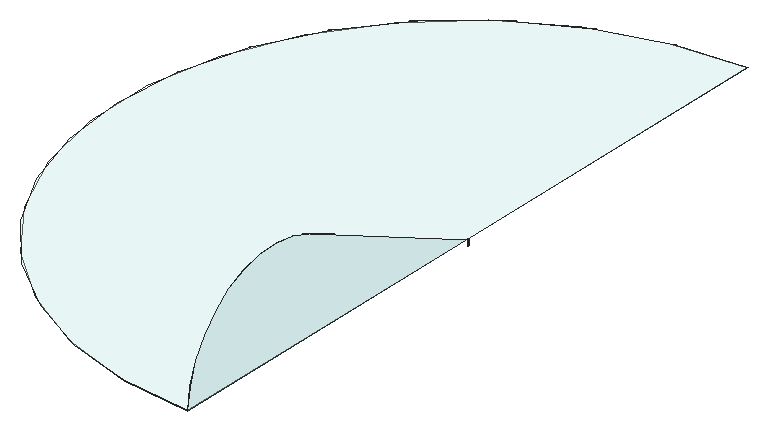
Revit family "Rotor Falvon 6504 Series - I6504FCSS", category Acessórios do tubo, Revit 2020
Family settings
  Cota do conector redondo = Utilizar diâmetro
  Tipo de parte = Normal
  Número OmniClass = 23.60.30.11.14
  Título OmniClass = Pipework Fittings
  Com base no plano de trabalho = Não
  Sempre na vertical = Sim
  Corte com vazios quando carregada = Não
  Compartilhado = Não
Parameters (values of type "Nozzle 18")
  Water = Water
  URL = "https://www.rainbird.com/"
  TABLE 90 = "TABLE 90psi"
  TABLE 80 = "TABLE 80psi"
  TABLE 70 = "TABLE 70psi"
  TABLE 60 = "TABLE 60psi"
  TABLE 50 = "TABLE 50psi"
  TABLE 40 = "TABLE 40psi"
  TABLE 30 = "TABLE 30psi"
  SupportProjetos: Reviw Date = ""  # constant formula
  SupportProjetos: Reviw = "R00"  # constant formula
  SupportProjetos: Level of Detail = "LOD 300"  # constant formula
  SupportProjetos: Developed = "MICHEL SOARES MOTA"  # constant formula
  SupportProjetos: Creation Date = "07/08/2020"  # constant formula
  Side inlet = no
  Rotation Water Visibility [instance] = Pop up on  # yes
  Rotation Angle [instance] = 180.00°
  RainBird: Product Link = "https://www.rainbird.com/"
  RainBird: Description = "FALCON I6504-FC-SS Rotor "  # constant formula
  RainBird: Comment [instance] = ""
  RainBird: Code = "B65811"  # constant formula
  Radius [instance] = if(and(Pressure = 30.0 psi, Instance < 3 ft), size_lookup(TABLE 30, "Radius", 0 ft, Instance), if(and(Pressure = 40.0 psi, Instance < 9 ft), size_lookup(TABLE 40, "Radius", 0 ft, Instance), if(and(Pressure = 50.0 psi, Instance < 9 ft), size_lookup(TABLE 50, "Radius", 0 ft, Instance), if(and(Pressure = 60.0 psi, Instance < 9 ft), size_lookup(TABLE 60, "Radius", 0 ft, Instance), if(and(Pressure = 70.0 psi, Instance < 9 ft), size_lookup(TABLE 70, "Radius", 0 ft, Instance), if(and(Pressure = 80.0 psi, Instance < 9 ft), size_lookup(TABLE 80, "Radius", 0 ft, Instance), if(and(Pressure = 90.0 psi, Instance > 7 ft), size_lookup(TABLE 90, "Radius", 600 ft, Instance), 0 ft)))))))  # 63 ft
  RT = 0.009893 ft
  RN = 0.032808 ft
  R5 = 0.03937 ft
  R4 = 0.04101 ft
  R3 = 0.065617 ft
  R2 = 0.075407 ft
  R1 = 0.032808 ft
  Pressure [instance] = 60.0 psi
  Pop up height = 0.334646 ft
  Pop up on [instance] = yes
  Modelo = "I6504-FCSS"  # constant formula
  Instance = 8 ft
  H1 = Body height / 3  # 0.236333 ft
  Flow [instance] = if(and(Pressure = 30.0 psi, Instance < 3 ft), size_lookup(TABLE 30, "Flow", 0.0 GPM, Instance), if(and(Pressure = 40.0 psi, Instance < 9 ft), size_lookup(TABLE 40, "Flow", 0.0 GPM, Instance), if(and(Pressure = 50.0 psi, Instance < 9 ft), size_lookup(TABLE 50, "Flow", 0.0 GPM, Instance), if(and(Pressure = 60.0 psi, Instance < 9 ft), size_lookup(TABLE 60, "Flow", 0.0 GPM, Instance), if(and(Pressure = 70.0 psi, Instance < 9 ft), size_lookup(TABLE 70, "Flow", 0.0 GPM, Instance), if(and(Pressure = 80.0 psi, Instance < 9 ft), size_lookup(TABLE 80, "Flow", 0.0 GPM, Instance), if(and(Pressure = 90.0 psi, Instance > 7 ft), size_lookup(TABLE 90, "Flow", 0.0 GPM, Instance), 0.0 GPM)))))))  # 17.1 GPM
  Fabricante = "Rain Bird"
  Elevação padrão = 0 ft
  Description = RainBird: Description  # "FALCON I6504-FC-SS Rotor "
  DD13 = 0.002625 ft
  DD12 = 0.003937 ft
  DD11 = 0.009897 ft
  DD10 = 0.016404 ft
  DD8 [instance] = if(Pop up on, Pop up height, 0 ft)  # 0.334646 ft
  DD7 = 0.019685 ft
  DD6 [instance] = 0.016404 ft
  DD5 = 0.065617 ft
  DD4 = 0.032808 ft
  DD3 = 0.091048 ft
  DD2 [instance] = 0.024514 ft
  DD9 [instance] = if(Pop up on, Pop up height + 0.049541 ft, 0 ft)  # 0.384186 ft
  DD1 = 0.006562 ft
  Conection = 0.062664 ft  # constant formula
  Body height = 0.709 ft  # constant formula
  Blue = Blue Plastic
  Black Plastic = Black Plastic
  Angle = 25.00°
Types (9, lengths in ft): name | Radius | Pressure | Instance | Flow
  (no name) | 63 | 60.0 psi | 8 | 17.1 GPM
  Nozzle 4 | 43 | 80.0 psi | 1 | 4.6 GPM
  Nozzle 6 | 49 | 80.0 psi | 2 | 4.9 GPM
  Nozzle 8 | 53 | 80.0 psi | 3 | 9.4 GPM
  Nozzle 10 | 55 | 80.0 psi | 4 | 11.6 GPM
  Nozzle 12 | 61 | 80.0 psi | 5 | 14.0 GPM
  Tipo 14 | 61 | 80.0 psi | 6 | 16.2 GPM
  Nozzle 16 | 63 | 80.0 psi | 7 | 18.1 GPM
  Nozzle 18 | 63 | 60.0 psi | 8 | 17.1 GPM
Reference planes (ft)
  plane 1 "Centro (Frente/Trás)": y = 0
  plane 2: z = 0
  plane 3 "Centro (Esquerda/Direita)": x = 0
  plane 4: z = 0.003937
  plane 5: z = 0.002625
  plane 6: y = -0.065617
Forms (ft)
  Revolve 1, solid, material "Black Plastic" <- "Black Plastic"
    sketch origin (0, 0, 0) x (1, 0, 0) y (0, 0, 1)
      loop
        line (0.075407, -0.091048) -> (0.075407, -0.035324)
        arc (0.075407, -0.035324) -> (0.072509, -0.028329) -> (0.065514, -0.025431) r 0.009893
        line (0.065514, -0.025431) -> (0.046098, -0.025431) -> (0.046098, 0) -> (0.03937, 0) -> (0.03937, -0.334646) -> (0.019685, -0.334646) -> (0.019685, -0.702438) -> (0.032808, -0.702438) -> (0.032808, -0.709) -> (0.04101, -0.709) -> (0.04101, -0.702438) -> (0.055724, -0.702438)
        arc (0.055724, -0.702438) -> (0.062719, -0.699541) -> (0.065617, -0.692545) r 0.009893
        line (0.065617, -0.692545) -> (0.065617, -0.091048) -> (0.075407, -0.091048)
      axis (0, -0.709) -> (0, 0)
    angle from 0 to 360
  Extrusion 2, solid, material "Black Plastic" <- "Black Plastic"
    sketch origin (0, 0, 0) x (1, 0, 0) y (0, 1, 0)
      loop
        circle (0, 0) r 0.032808
    from -0.334646 to 0.334646
  Extrusion 3, void
    sketch origin (0, 0, 0) x (1, 0, 0) y (0, 1, 0)
      loop
        circle (0, 0) r 0.022844
    from -0.334646 to 0.334646
  Revolve 4, solid, material "Black Plastic" <- "Black Plastic"
    sketch origin (0, 0, 0) x (1, 0, 0) y (0, 0, 1)
      loop
        line (0, 0.334646) -> (0.037004, 0.334646) -> (0.037004, 0.344543)
        arc (0.037004, 0.344543) -> (0.01879, 0.349436) -> (0, 0.35105) r 0.10685
        line (0, 0.35105) -> (0, 0.334646)
      axis (0, 0.334646) -> (0, 0.35105)
    angle from 0 to 360
  Extrusion 5, solid, material "Blue Plastic" <- "Blue"
    sketch origin (0, 0, 0) x (1, 0, 0) y (0, 0, 1)
      loop
        circle (0, 0.310131) r 0.009129
      loop
        circle (0, 0.310131) r 0.004793
    from 0 to 0.034386
  Extrusion 6, void
    sketch origin (0, 0, 0) x (1, 0, 0) y (0, 0, 1)
      loop
        line (-0.02074, 0.328055) -> (-0.02074, 0.282426) -> (0.020672, 0.282426) -> (0.020672, 0.328055) -> (-0.02074, 0.328055)
      loop
        line (-0.018439, 0.325179) -> (-0.018439, 0.285685) -> (0.018179, 0.285685) -> (0.018179, 0.325179) -> (-0.018439, 0.325179)
    from 0.024556 to 0.06931
  Extrusion 7, solid, material "Black Plastic" <- "Black Plastic"
    sketch origin (0, 0, 0) x (1, 0, 0) y (0, 0, 1)
      loop
        line (0.046098, 0) -> (0.046098, -0.036876) -> (0.073493, -0.036876) -> (0.046098, 0)
    from -0.002998 to 0.002998
  Extrusion 8, solid, material "Black Plastic" <- "Black Plastic"
    sketch origin (0, 0, 0) x (-1, 0, 0) y (0, 0, -1)
      loop
        line (0.046098, 0) -> (0.073493, 0.036876) -> (0.046098, 0.036876) -> (0.046098, 0)
    from -0.002998 to 0.002998
  Extrusion 9, solid, material "Black Plastic" <- "Black Plastic"
    sketch origin (0, 0, 0) x (0.866025, 0.5, 0) y (0, 0, 1)
      loop
        line (0.046098, 0) -> (0.046098, -0.036876) -> (0.073493, -0.036876) -> (0.046098, 0)
    from -0.002998 to 0.002998
  Extrusion 10, solid, material "Black Plastic" <- "Black Plastic"
    sketch origin (0, 0, 0) x (-0.866025, -0.5, 0) y (0, 0, -1)
      loop
        line (0.046098, 0) -> (0.073493, 0.036876) -> (0.046098, 0.036876) -> (0.046098, 0)
    from -0.002998 to 0.002998
  Extrusion 11, solid, material "Black Plastic" <- "Black Plastic"
    sketch origin (0, 0, 0) x (0, 1, 0) y (0, 0, 1)
      loop
        line (0.046098, 0) -> (0.046098, -0.036876) -> (0.073493, -0.036876) -> (0.046098, 0)
    from -0.002998 to 0.002998
  Extrusion 12, solid, material "Black Plastic" <- "Black Plastic"
    sketch origin (0, 0, 0) x (0, -1, 0) y (0, 0, -1)
      loop
        line (0.046098, 0) -> (0.073493, 0.036876) -> (0.046098, 0.036876) -> (0.046098, 0)
    from -0.002998 to 0.002998
  Extrusion 13, solid, material "Black Plastic" <- "Black Plastic"
    sketch origin (0, 0, 0) x (0.5, 0.866025, 0) y (0, 0, 1)
      loop
        line (0.046098, 0) -> (0.046098, -0.036876) -> (0.073493, -0.036876) -> (0.046098, 0)
    from -0.002998 to 0.002998
  Extrusion 14, solid, material "Black Plastic" <- "Black Plastic"
    sketch origin (0, 0, 0) x (-0.5, -0.866025, 0) y (0, 0, -1)
      loop
        line (0.046098, 0) -> (0.073493, 0.036876) -> (0.046098, 0.036876) -> (0.046098, 0)
    from -0.002998 to 0.002998
  Extrusion 15, solid, material "Black Plastic" <- "Black Plastic"
    sketch origin (0, 0, 0) x (-0.5, 0.866025, 0) y (0, 0, 1)
      loop
        line (0.046098, 0) -> (0.046098, -0.036876) -> (0.073493, -0.036876) -> (0.046098, 0)
    from -0.002998 to 0.002998
  Extrusion 16, solid, material "Black Plastic" <- "Black Plastic"
    sketch origin (0, 0, 0) x (0.5, -0.866025, 0) y (0, 0, -1)
      loop
        line (0.046098, 0) -> (0.073493, 0.036876) -> (0.046098, 0.036876) -> (0.046098, 0)
    from -0.002998 to 0.002998
  Extrusion 17, solid, material "Black Plastic" <- "Black Plastic"
    sketch origin (0, 0, 0) x (-0.866025, 0.5, 0) y (0, 0, 1)
      loop
        line (0.046098, 0) -> (0.046098, -0.036876) -> (0.073493, -0.036876) -> (0.046098, 0)
    from -0.002998 to 0.002998
  Extrusion 18, solid, material "Black Plastic" <- "Black Plastic"
    sketch origin (0, 0, 0) x (0.866025, -0.5, 0) y (0, 0, -1)
      loop
        line (0.046098, 0) -> (0.073493, 0.036876) -> (0.046098, 0.036876) -> (0.046098, 0)
    from -0.002998 to 0.002998
  Extrusion 19, void
    sketch origin (0, 0, 0) x (1, 0, 0) y (0, 1, 0)
      loop
        line (-0.002998, 0.077702) -> (-0.002998, 0.071655) -> (0.002998, 0.071655) -> (0.002998, 0.077702) -> (-0.002998, 0.077702)
    from -0.091048 to 0.82021
  Extrusion 20, void
    sketch origin (0, 0, 0) x (1, 0, 0) y (0, 1, 0)
      loop
        line (0.002998, -0.077702) -> (0.002998, -0.071655) -> (-0.002998, -0.071655) -> (-0.002998, -0.077702) -> (0.002998, -0.077702)
    from -0.091048 to 0.82021
  Extrusion 21, void
    sketch origin (0, 0, 0) x (0.965926, 0.258819, 0) y (-0.258819, 0.965926, 0)
      loop
        line (-0.002998, 0.077702) -> (-0.002998, 0.071655) -> (0.002998, 0.071655) -> (0.002998, 0.077702) -> (-0.002998, 0.077702)
    from -0.091048 to 0.82021
  Extrusion 22, void
    sketch origin (0, 0, 0) x (0.965926, 0.258819, 0) y (-0.258819, 0.965926, 0)
      loop
        line (0.002998, -0.077702) -> (0.002998, -0.071655) -> (-0.002998, -0.071655) -> (-0.002998, -0.077702) -> (0.002998, -0.077702)
    from -0.091048 to 0.82021
  Extrusion 23, void
    sketch origin (0, 0, 0) x (0.866025, 0.5, 0) y (-0.5, 0.866025, 0)
      loop
        line (-0.002998, 0.077702) -> (-0.002998, 0.071655) -> (0.002998, 0.071655) -> (0.002998, 0.077702) -> (-0.002998, 0.077702)
    from -0.091048 to 0.82021
  Extrusion 24, void
    sketch origin (0, 0, 0) x (0.866025, 0.5, 0) y (-0.5, 0.866025, 0)
      loop
        line (0.002998, -0.077702) -> (0.002998, -0.071655) -> (-0.002998, -0.071655) -> (-0.002998, -0.077702) -> (0.002998, -0.077702)
    from -0.091048 to 0.82021
  Extrusion 25, void
    sketch origin (0, 0, 0) x (0.5, 0.866025, 0) y (-0.866025, 0.5, 0)
      loop
        line (-0.002998, 0.077702) -> (-0.002998, 0.071655) -> (0.002998, 0.071655) -> (0.002998, 0.077702) -> (-0.002998, 0.077702)
    from -0.091048 to 0.82021
  Extrusion 26, void
    sketch origin (0, 0, 0) x (0.5, 0.866025, 0) y (-0.866025, 0.5, 0)
      loop
        line (0.002998, -0.077702) -> (0.002998, -0.071655) -> (-0.002998, -0.071655) -> (-0.002998, -0.077702) -> (0.002998, -0.077702)
    from -0.091048 to 0.82021
  Extrusion 27, void
    sketch origin (0, 0, 0) x (0.707107, 0.707107, 0) y (-0.707107, 0.707107, 0)
      loop
        line (-0.002998, 0.077702) -> (-0.002998, 0.071655) -> (0.002998, 0.071655) -> (0.002998, 0.077702) -> (-0.002998, 0.077702)
    from -0.091048 to 0.82021
  Extrusion 28, void
    sketch origin (0, 0, 0) x (0.707107, 0.707107, 0) y (-0.707107, 0.707107, 0)
      loop
        line (0.002998, -0.077702) -> (0.002998, -0.071655) -> (-0.002998, -0.071655) -> (-0.002998, -0.077702) -> (0.002998, -0.077702)
    from -0.091048 to 0.82021
  Extrusion 29, void
    sketch origin (0, 0, 0) x (0.258819, 0.965926, 0) y (-0.965926, 0.258819, 0)
      loop
        line (-0.002998, 0.077702) -> (-0.002998, 0.071655) -> (0.002998, 0.071655) -> (0.002998, 0.077702) -> (-0.002998, 0.077702)
    from -0.091048 to 0.82021
  Extrusion 30, void
    sketch origin (0, 0, 0) x (0.258819, 0.965926, 0) y (-0.965926, 0.258819, 0)
      loop
        line (0.002998, -0.077702) -> (0.002998, -0.071655) -> (-0.002998, -0.071655) -> (-0.002998, -0.077702) -> (0.002998, -0.077702)
    from -0.091048 to 0.82021
  Extrusion 31, void
    sketch origin (0, 0, 0) x (0, 1, 0) y (-1, 0, 0)
      loop
        line (-0.002998, 0.077702) -> (-0.002998, 0.071655) -> (0.002998, 0.071655) -> (0.002998, 0.077702) -> (-0.002998, 0.077702)
    from -0.091048 to 0.82021
  Extrusion 32, void
    sketch origin (0, 0, 0) x (0, 1, 0) y (-1, 0, 0)
      loop
        line (0.002998, -0.077702) -> (0.002998, -0.071655) -> (-0.002998, -0.071655) -> (-0.002998, -0.077702) -> (0.002998, -0.077702)
    from -0.091048 to 0.82021
  Extrusion 33, void
    sketch origin (0, 0, 0) x (-0.258819, 0.965926, 0) y (-0.965926, -0.258819, 0)
      loop
        line (-0.002998, 0.077702) -> (-0.002998, 0.071655) -> (0.002998, 0.071655) -> (0.002998, 0.077702) -> (-0.002998, 0.077702)
    from -0.091048 to 0.82021
  Extrusion 34, void
    sketch origin (0, 0, 0) x (-0.258819, 0.965926, 0) y (-0.965926, -0.258819, 0)
      loop
        line (0.002998, -0.077702) -> (0.002998, -0.071655) -> (-0.002998, -0.071655) -> (-0.002998, -0.077702) -> (0.002998, -0.077702)
    from -0.091048 to 0.82021
  Extrusion 35, void
    sketch origin (0, 0, 0) x (-0.5, 0.866025, 0) y (-0.866025, -0.5, 0)
      loop
        line (-0.002998, 0.077702) -> (-0.002998, 0.071655) -> (0.002998, 0.071655) -> (0.002998, 0.077702) -> (-0.002998, 0.077702)
    from -0.091048 to 0.82021
  Extrusion 36, void
    sketch origin (0, 0, 0) x (-0.5, 0.866025, 0) y (-0.866025, -0.5, 0)
      loop
        line (0.002998, -0.077702) -> (0.002998, -0.071655) -> (-0.002998, -0.071655) -> (-0.002998, -0.077702) -> (0.002998, -0.077702)
    from -0.091048 to 0.82021
  Extrusion 37, void
    sketch origin (0, 0, 0) x (-0.707107, 0.707107, 0) y (-0.707107, -0.707107, 0)
      loop
        line (-0.002998, 0.077702) -> (-0.002998, 0.071655) -> (0.002998, 0.071655) -> (0.002998, 0.077702) -> (-0.002998, 0.077702)
    from -0.091048 to 0.82021
  Extrusion 38, void
    sketch origin (0, 0, 0) x (-0.707107, 0.707107, 0) y (-0.707107, -0.707107, 0)
      loop
        line (0.002998, -0.077702) -> (0.002998, -0.071655) -> (-0.002998, -0.071655) -> (-0.002998, -0.077702) -> (0.002998, -0.077702)
    from -0.091048 to 0.82021
  Extrusion 39, void
    sketch origin (0, 0, 0) x (-0.866025, 0.5, 0) y (-0.5, -0.866025, 0)
      loop
        line (-0.002998, 0.077702) -> (-0.002998, 0.071655) -> (0.002998, 0.071655) -> (0.002998, 0.077702) -> (-0.002998, 0.077702)
    from -0.091048 to 0.82021
  Extrusion 40, void
    sketch origin (0, 0, 0) x (-0.866025, 0.5, 0) y (-0.5, -0.866025, 0)
      loop
        line (0.002998, -0.077702) -> (0.002998, -0.071655) -> (-0.002998, -0.071655) -> (-0.002998, -0.077702) -> (0.002998, -0.077702)
    from -0.091048 to 0.82021
  Extrusion 41, void
    sketch origin (0, 0, 0) x (-0.965926, 0.258819, 0) y (-0.258819, -0.965926, 0)
      loop
        line (-0.002998, 0.077702) -> (-0.002998, 0.071655) -> (0.002998, 0.071655) -> (0.002998, 0.077702) -> (-0.002998, 0.077702)
    from -0.091048 to 0.82021
  Extrusion 42, void
    sketch origin (0, 0, 0) x (-0.965926, 0.258819, 0) y (-0.258819, -0.965926, 0)
      loop
        line (0.002998, -0.077702) -> (0.002998, -0.071655) -> (-0.002998, -0.071655) -> (-0.002998, -0.077702) -> (0.002998, -0.077702)
    from -0.091048 to 0.82021
  Extrusion 43, solid, material "Water" <- "Water", visible <- "Rotation Water Visibility"
    sketch origin (0, 0, 0) x (0, 1, 0) y (0, 0, 1)
      loop
        line (-0.032808, 0.310131) -> (-35.615202, 16.902474)
        arc (-35.615202, 16.902474) -> (-53.751991, 15.923219) -> (-63.032808, 0.310131) r 19.287003
        line (-63.032808, 0.310131) -> (-0.032808, 0.310131)
    from -0.008202 to 0.008202
Cuts and joins
  Extrusion 3, Extrusion 6 cuts Extrusion 2
  Extrusion 19, Extrusion 20, Extrusion 21, Extrusion 22, Extrusion 23, Extrusion 24, Extrusion 25, Extrusion 26, Extrusion 27, Extrusion 28, Extrusion 29, Extrusion 30, Extrusion 31, Extrusion 32, Extrusion 33, Extrusion 34, Extrusion 35, Extrusion 36, Extrusion 37, Extrusion 38, Extrusion 39, Extrusion 40, Extrusion 41, Extrusion 42 cuts Revolve 1
Dimensions and locks (ft)
  "Body height": level to Revolve 1 sketch curve
  "R2": Revolve 1 sketch curve to plane 3 "Centro (Esquerda/Direita)"
  "DD1": Revolve 1 sketch curve to Revolve 1 sketch curve
  "DD3": level to Revolve 1 sketch curve
  Revolve 1 sketch curve to plane 3 "Centro (Esquerda/Direita)" = 0.065617 ft
  "R4": Revolve 1 sketch curve to plane 3 "Centro (Esquerda/Direita)"
  "RN": Revolve 1 sketch curve to plane 3 "Centro (Esquerda/Direita)"
  "Pop up height": level to Revolve 1 sketch curve
  "R5": plane 3 "Centro (Esquerda/Direita)" to Revolve 1 sketch curve
  "DD7": Revolve 1 sketch curve to plane 3 "Centro (Esquerda/Direita)"
  "DD8": Extrusion 2 to level
  "DD12": plane 4 to level
  "DD13": plane 5 to level
  "R3": plane 6 to plane 1 "Centro (Frente/Trás)"
  "DD5": Revolve 1 sketch curve to Revolve 1 sketch curve
  "DD10": Revolve 4 sketch curve to Revolve 4 sketch curve
  "DD11": Revolve 4 sketch curve to Revolve 4 sketch curve
  "DD2": Revolve 4 to Extrusion 5 sketch curve  (x2)
  Extrusion 7 to plane 3 "Centro (Esquerda/Direita)" = 0.046098 ft
  equal spacing: Extrusion 7, plane 1 "Centro (Frente/Trás)", Extrusion 7
  Extrusion 8 to Extrusion 8 = 0.005995 ft
  Extrusion 9 to Extrusion 9 = 0.005995 ft
  Extrusion 20 sketch curve to Extrusion 20 sketch curve = 0.005995 ft
  Extrusion 22 sketch curve to Extrusion 22 sketch curve = 0.005995 ft
  Extrusion 24 sketch curve to Extrusion 24 sketch curve = 0.005995 ft
  Extrusion 26 sketch curve to Extrusion 26 sketch curve = 0.005995 ft
  Extrusion 28 sketch curve to Extrusion 28 sketch curve = 0.005995 ft
  Extrusion 30 sketch curve to Extrusion 30 sketch curve = 0.005995 ft
  Extrusion 32 sketch curve to Extrusion 32 sketch curve = 0.005995 ft
  Extrusion 34 sketch curve to Extrusion 34 sketch curve = 0.005995 ft
  Extrusion 36 sketch curve to Extrusion 36 sketch curve = 0.005995 ft
  Extrusion 38 sketch curve to Extrusion 38 sketch curve = 0.005995 ft
  Extrusion 40 sketch curve to Extrusion 40 sketch curve = 0.005995 ft
  Extrusion 42 sketch curve to Extrusion 42 sketch curve = 0.005995 ft
  "DD4": plane 1 "Centro (Frente/Trás)" to Extrusion 43 sketch curve
  "DD2": Revolve 4 to Extrusion 43 sketch curve
  "Radius": Extrusion 43 sketch curve to Extrusion 43 sketch curve
  equal spacing: Extrusion 43, plane 3 "Centro (Esquerda/Direita)", Extrusion 43
  "DD6": Extrusion 43 to Extrusion 43
  "DD2": Revolve 4 to nested 1
  "RT": radius of Revolve 1 sketch curve  (x2)
  "R1": radius of Extrusion 2 sketch curve
  "Angle": angle Extrusion 43 sketch curve to Extrusion 43 sketch curve
  aligned and locked: level to plane 2
  aligned and locked: Revolve 1 sketch curve to Revolve 1 sketch curve
  aligned and locked: Extrusion 2 to Revolve 1
  aligned and locked: cut or joined group of Extrusion 2, Extrusion 3, Extrusion 6 to cut or joined group of Extrusion 2, Extrusion 3, Extrusion 6  (x2)
  aligned and locked: Revolve 4 sketch curve to cut or joined group of Extrusion 2, Extrusion 3, Extrusion 6
  aligned and locked: Extrusion 20 to Revolve 1
  aligned and locked: Extrusion 22 to Revolve 1
  aligned and locked: Extrusion 24 to Revolve 1
  aligned and locked: Extrusion 28 to Revolve 1
  aligned and locked: Extrusion 26 to Revolve 1
  aligned and locked: Extrusion 30 to Revolve 1
  aligned and locked: Extrusion 32 to Revolve 1
  aligned and locked: Extrusion 34 to Revolve 1
  aligned and locked: Revolve 1 to Extrusion 36
  aligned and locked: Revolve 1 to Extrusion 38
  aligned and locked: Extrusion 41 to Revolve 1
  aligned and locked: Extrusion 39 to Revolve 1
  aligned and locked: Extrusion 37 to Revolve 1
  aligned and locked: Extrusion 35 to Revolve 1
  aligned and locked: Extrusion 33 to Revolve 1
  aligned and locked: Extrusion 31 to Revolve 1
  aligned and locked: Extrusion 29 to Revolve 1
  aligned and locked: Revolve 1 to Extrusion 25
  aligned and locked: Revolve 1 to Extrusion 27
  aligned and locked: Revolve 1 to Extrusion 19
  aligned and locked: Revolve 1 to Extrusion 21
  aligned and locked: Revolve 1 to Extrusion 42
  aligned and locked: Revolve 1 to Extrusion 40
  aligned and locked: Revolve 1 to Extrusion 23
Automatic sketch dimensions
  plane 1 "Centro (Frente/Trás)" to Extrusion 2 sketch curve = 0 ft
  Extrusion 2 sketch curve to plane 3 "Centro (Esquerda/Direita)" = 0 ft
  plane 1 "Centro (Frente/Trás)" to Extrusion 3 sketch curve = 0 ft
  Extrusion 3 sketch curve to plane 3 "Centro (Esquerda/Direita)" = 0 ft
  Revolve 4 sketch curve to plane 3 "Centro (Esquerda/Direita)" = 0 ft  (x2)
  plane 3 "Centro (Esquerda/Direita)" to Revolve 4 sketch curve = 0.000284 ft
  plane 3 "Centro (Esquerda/Direita)" to Revolve 4 sketch curve = 0.037004 ft
  Revolve 4 sketch curve to Revolve 4 sketch curve = 0.015719 ft
  Revolve 4 sketch curve to Revolve 4 sketch curve = 0.114829 ft
  Extrusion 5 sketch curve to Extrusion 5 sketch curve = 0 ft
  Extrusion 5 sketch curve to plane 3 "Centro (Esquerda/Direita)" = 0 ft
  Extrusion 6 sketch curve to plane 3 "Centro (Esquerda/Direita)" = 0.02074 ft
  Extrusion 6 sketch curve to Extrusion 6 sketch curve = 0.002301 ft
  plane 3 "Centro (Esquerda/Direita)" to Extrusion 6 sketch curve = 0.018179 ft
  Extrusion 6 sketch curve to Extrusion 6 sketch curve = 0.002492 ft
  plane 4 to Extrusion 6 sketch curve = 0.278489 ft
  Extrusion 6 sketch curve to Extrusion 6 sketch curve = 0.003259 ft
  Extrusion 6 sketch curve to Extrusion 6 sketch curve = 0.039494 ft
  Extrusion 6 sketch curve to Extrusion 6 sketch curve = 0.002876 ft
  Extrusion 7 sketch curve to level = 0 ft
  plane 3 "Centro (Esquerda/Direita)" to Extrusion 7 sketch curve = 0.046098 ft
  Extrusion 7 sketch curve to Extrusion 7 sketch curve = 0.027396 ft
  Extrusion 7 sketch curve to Extrusion 7 sketch curve = 0.036876 ft
  Extrusion 8 sketch curve to level = 0 ft
  plane 3 "Centro (Esquerda/Direita)" to Extrusion 8 sketch curve = 0.046098 ft
  Extrusion 8 sketch curve to Extrusion 8 sketch curve = 0.027396 ft
  Extrusion 8 sketch curve to Extrusion 8 sketch curve = 0.036876 ft
  Extrusion 9 sketch curve to level = 0 ft
  Extrusion 9 sketch curve to level = 0.036876 ft
  Extrusion 9 sketch curve to Extrusion 9 sketch curve = 0.027396 ft
  Extrusion 10 sketch curve to level = 0 ft
  Extrusion 10 sketch curve to level = 0.036876 ft
  Extrusion 10 sketch curve to Extrusion 10 sketch curve = 0.027396 ft
  Extrusion 11 sketch curve to level = 0 ft
  Extrusion 11 sketch curve to plane 1 "Centro (Frente/Trás)" = 0.046098 ft
  Extrusion 11 sketch curve to Extrusion 11 sketch curve = 0.027396 ft
  Extrusion 11 sketch curve to Extrusion 11 sketch curve = 0.036876 ft
  Extrusion 12 sketch curve to level = 0 ft
  plane 6 to Extrusion 12 sketch curve = 0.019519 ft
  Extrusion 12 sketch curve to plane 6 = 0.007877 ft
  Extrusion 12 sketch curve to level = 0.036876 ft
  Extrusion 13 sketch curve to level = 0 ft
  Extrusion 13 sketch curve to level = 0.036876 ft
  Extrusion 13 sketch curve to Extrusion 13 sketch curve = 0.027396 ft
  Extrusion 14 sketch curve to level = 0 ft
  Extrusion 14 sketch curve to level = 0.036876 ft
  Extrusion 14 sketch curve to Extrusion 14 sketch curve = 0.027396 ft
  level to Extrusion 15 sketch curve = 0 ft
  Extrusion 15 sketch curve to level = 0.036876 ft
  Extrusion 15 sketch curve to Extrusion 15 sketch curve = 0.027396 ft
  level to Extrusion 16 sketch curve = 0 ft
  Extrusion 16 sketch curve to level = 0.036876 ft
  Extrusion 16 sketch curve to Extrusion 16 sketch curve = 0.027396 ft
  level to Extrusion 17 sketch curve = 0 ft
  Extrusion 17 sketch curve to level = 0.036876 ft
  Extrusion 17 sketch curve to Extrusion 17 sketch curve = 0.027396 ft
  level to Extrusion 18 sketch curve = 0 ft
  Extrusion 18 sketch curve to level = 0.036876 ft
  Extrusion 18 sketch curve to Extrusion 18 sketch curve = 0.027396 ft
  Extrusion 19 sketch curve to plane 3 "Centro (Esquerda/Direita)" = 0.002998 ft
  Extrusion 19 sketch curve to plane 1 "Centro (Frente/Trás)" = 0.071655 ft
  Extrusion 19 sketch curve to Extrusion 19 sketch curve = 0.006047 ft
  plane 3 "Centro (Esquerda/Direita)" to Extrusion 20 sketch curve = 0.002998 ft
  plane 6 to Extrusion 20 sketch curve = 0.006038 ft
  Extrusion 20 sketch curve to Extrusion 20 sketch curve = 0.006047 ft
  plane 3 "Centro (Esquerda/Direita)" to Extrusion 19 sketch curve = 0.002998 ft
  Extrusion 21 sketch curve to plane 3 "Centro (Esquerda/Direita)" = 0.021441 ft
  Extrusion 21 sketch curve to plane 1 "Centro (Frente/Trás)" = 0.068438 ft
  Extrusion 21 sketch curve to Extrusion 21 sketch curve = 0.005995 ft
  Extrusion 21 sketch curve to Extrusion 21 sketch curve = 0.006047 ft
  Extrusion 22 sketch curve to plane 6 = 0.010213 ft
  plane 3 "Centro (Esquerda/Direita)" to Extrusion 22 sketch curve = 0.017215 ft
  Extrusion 22 sketch curve to Extrusion 22 sketch curve = 0.006047 ft
  Extrusion 23 sketch curve to plane 3 "Centro (Esquerda/Direita)" = 0.038424 ft
  Extrusion 23 sketch curve to plane 1 "Centro (Frente/Trás)" = 0.060556 ft
  Extrusion 23 sketch curve to Extrusion 23 sketch curve = 0.005995 ft
  Extrusion 23 sketch curve to Extrusion 23 sketch curve = 0.006047 ft
  Extrusion 24 sketch curve to plane 6 = 0.003174 ft
  plane 3 "Centro (Esquerda/Direita)" to Extrusion 24 sketch curve = 0.036255 ft
  Extrusion 24 sketch curve to Extrusion 24 sketch curve = 0.006047 ft
  Extrusion 25 sketch curve to plane 1 "Centro (Frente/Trás)" = 0.033231 ft
  Extrusion 25 sketch curve to plane 3 "Centro (Esquerda/Direita)" = 0.063554 ft
  Extrusion 25 sketch curve to Extrusion 25 sketch curve = 0.005995 ft
  Extrusion 25 sketch curve to Extrusion 25 sketch curve = 0.006047 ft
  Extrusion 26 sketch curve to plane 6 = 0.02417 ft
  Extrusion 26 sketch curve to plane 3 "Centro (Esquerda/Direita)" = 0.065793 ft
  Extrusion 26 sketch curve to Extrusion 26 sketch curve = 0.006047 ft
  Extrusion 27 sketch curve to plane 1 "Centro (Frente/Trás)" = 0.048548 ft
  Extrusion 27 sketch curve to plane 3 "Centro (Esquerda/Direita)" = 0.052787 ft
  Extrusion 27 sketch curve to Extrusion 27 sketch curve = 0.005995 ft
  Extrusion 27 sketch curve to Extrusion 27 sketch curve = 0.006047 ft
  plane 6 to Extrusion 28 sketch curve = 0.008554 ft
  plane 3 "Centro (Esquerda/Direita)" to Extrusion 28 sketch curve = 0.052824 ft
  Extrusion 28 sketch curve to Extrusion 28 sketch curve = 0.006047 ft
  Extrusion 29 sketch curve to plane 1 "Centro (Frente/Trás)" = 0.01565 ft
  Extrusion 29 sketch curve to plane 3 "Centro (Esquerda/Direita)" = 0.069989 ft
  Extrusion 29 sketch curve to Extrusion 29 sketch curve = 0.005995 ft
  Extrusion 29 sketch curve to Extrusion 29 sketch curve = 0.006047 ft
  plane 1 "Centro (Frente/Trás)" to Extrusion 30 sketch curve = 0.023006 ft
  plane 3 "Centro (Esquerda/Direita)" to Extrusion 30 sketch curve = 0.074278 ft
  Extrusion 30 sketch curve to Extrusion 30 sketch curve = 0.006047 ft
  plane 1 "Centro (Frente/Trás)" to Extrusion 31 sketch curve = 0.002998 ft
  Extrusion 31 sketch curve to plane 1 "Centro (Frente/Trás)" = 0.002998 ft
  Extrusion 31 sketch curve to plane 3 "Centro (Esquerda/Direita)" = 0.071655 ft
  Extrusion 31 sketch curve to Extrusion 31 sketch curve = 0.006047 ft
  plane 1 "Centro (Frente/Trás)" to Extrusion 32 sketch curve = 0.002998 ft
  plane 3 "Centro (Esquerda/Direita)" to Extrusion 32 sketch curve = 0.077702 ft
  Extrusion 32 sketch curve to Extrusion 32 sketch curve = 0.006047 ft
  plane 1 "Centro (Frente/Trás)" to Extrusion 33 sketch curve = 0.021441 ft
  Extrusion 33 sketch curve to plane 3 "Centro (Esquerda/Direita)" = 0.068438 ft
  Extrusion 33 sketch curve to Extrusion 33 sketch curve = 0.005995 ft
  Extrusion 33 sketch curve to Extrusion 33 sketch curve = 0.006047 ft
  Extrusion 34 sketch curve to plane 1 "Centro (Frente/Trás)" = 0.017215 ft
  plane 3 "Centro (Esquerda/Direita)" to Extrusion 34 sketch curve = 0.07583 ft
  Extrusion 34 sketch curve to Extrusion 34 sketch curve = 0.006047 ft
  plane 6 to Extrusion 35 sketch curve = 0.027193 ft
  Extrusion 35 sketch curve to plane 3 "Centro (Esquerda/Direita)" = 0.060556 ft
  Extrusion 35 sketch curve to Extrusion 35 sketch curve = 0.005995 ft
  Extrusion 35 sketch curve to Extrusion 35 sketch curve = 0.006047 ft
  Extrusion 36 sketch curve to plane 1 "Centro (Frente/Trás)" = 0.036255 ft
  plane 3 "Centro (Esquerda/Direita)" to Extrusion 36 sketch curve = 0.068791 ft
  Extrusion 36 sketch curve to Extrusion 36 sketch curve = 0.006047 ft
  plane 6 to Extrusion 37 sketch curve = 0.012829 ft
  Extrusion 37 sketch curve to plane 3 "Centro (Esquerda/Direita)" = 0.048548 ft
  Extrusion 37 sketch curve to Extrusion 37 sketch curve = 0.005995 ft
  Extrusion 37 sketch curve to Extrusion 37 sketch curve = 0.006047 ft
  Extrusion 38 sketch curve to plane 1 "Centro (Frente/Trás)" = 0.052824 ft
  plane 3 "Centro (Esquerda/Direita)" to Extrusion 38 sketch curve = 0.057063 ft
  Extrusion 38 sketch curve to Extrusion 38 sketch curve = 0.006047 ft
  plane 6 to Extrusion 39 sketch curve = 0.002063 ft
  Extrusion 39 sketch curve to plane 3 "Centro (Esquerda/Direita)" = 0.033231 ft
  Extrusion 39 sketch curve to Extrusion 39 sketch curve = 0.005995 ft
  Extrusion 39 sketch curve to Extrusion 39 sketch curve = 0.006047 ft
  plane 3 "Centro (Esquerda/Direita)" to Extrusion 40 sketch curve = 0.041447 ft
  Extrusion 40 sketch curve to plane 1 "Centro (Frente/Trás)" = 0.065793 ft
  Extrusion 40 sketch curve to Extrusion 40 sketch curve = 0.006047 ft
  Extrusion 41 sketch curve to plane 6 = 0.004372 ft
  Extrusion 41 sketch curve to plane 3 "Centro (Esquerda/Direita)" = 0.01565 ft
  Extrusion 41 sketch curve to Extrusion 41 sketch curve = 0.005995 ft
  Extrusion 41 sketch curve to Extrusion 41 sketch curve = 0.006047 ft
  plane 3 "Centro (Esquerda/Direita)" to Extrusion 42 sketch curve = 0.023006 ft
  Extrusion 42 sketch curve to plane 1 "Centro (Frente/Trás)" = 0.074278 ft
  Extrusion 42 sketch curve to Extrusion 42 sketch curve = 0.006047 ft
  Revolve 1 sketch curve to plane 3 "Centro (Esquerda/Direita)" = 0 ft
  Revolve 1 sketch curve to level = 0 ft
  Revolve 1 sketch curve to Revolve 1 sketch curve = 0.019416 ft
  plane 4 to Revolve 1 sketch curve = 0.079347 ft
  Revolve 1 sketch curve to Revolve 1 sketch curve = 0.918635 ft
  Extrusion 43 sketch curve to level = 0.577487 ft
  radius of Extrusion 3 sketch curve = 0.022844 ft
  radius of Extrusion 5 sketch curve = 0.009129 ft
  radius of Extrusion 5 sketch curve = 0.004793 ft
Nested families (ft)
  nested 1: "Water" at (-0.000026, 0, 0.190873) x (0, -1, 0) z (0, 0, 1), DT9 <- "DD4", Radius <- "Radius", visible <- "Rotation Water Visibility", Rotation Angle <- "Rotation Angle", type "Water"
    with Rotation Angle 180.00°, Radius 63 ft, DT9 0.032808 ft, DT8 0 ft, DT7 252 ft, DT4 315 ft, Angle 2 180.00°
Connectors (ft)
  piping at (0, 0, -0.709), diameter 2
    settings: on cut or joined group of Revolve 1, Extrusion 19, Extrusion 20, Extrusion 21, Extrusion 22, Extrusion 23, Extrusion 24, Extrusion 25, Extrusion 26, Extrusion 27, Extrusion 28, Extrusion 29, Extrusion 30, Extrusion 31, Extrusion 32, Extrusion 33, Extrusion 34, Extrusion 35, Extrusion 36, Extrusion 37, Extrusion 38, Extrusion 39, Extrusion 40, Extrusion 41, Extrusion 42, index 1, connector inside diameter 609.6 mm, connector length 0 ft, flow factor 0, pipe flow 0.0 GPM, pressure drop 0.0 psi, fitting loss kfactor 0, connector angle 0.00°, fixture units 0, engagement length 0 ft, angle of deflection 0.00°, flow configuration 0, flow direction 0, fitting loss method 0, system type 28, joint type 0, gender type 0, connector reference index -1, connector utility 0, adjustable connector no, is connector primary yes, connector description ""
Definition of nested family "Water"
  Parameters (values of type "Water")
    Water Visibility (Circle) = yes
    Water = none
    URL = ""
    SupportProjetos: Reviw Date = ""  # constant formula
    SupportProjetos: Level of Detail = "LOD 300"  # constant formula
    SupportProjetos: Developed = "MICHEL SOARES MOTA"  # constant formula
    SupportProjetos: Creation Date = "16/07/2020"  # constant formula
    Rotation Angle [instance] = 90.00°
    Reviw = "R00"  # constant formula
    Radius [instance] = 14 ft
    Model = ""
    Default Elevation = 4 ft
    Description = ""
    DT9 [instance] = 0.032808 ft
    DT8 [instance] = if(Rotation Angle = 360.00°, 10 ft, 0 ft)  # 0 ft
    DT7 [instance] = 4 * Radius  # 56 ft
    DT4 [instance] = 5 * Radius  # 70 ft
    DT2 = 0.098425 ft  # constant formula
    DT6 = 0 ft
    Angle 2 [instance] = if(Rotation Angle = 360.00°, 180.00°, 360.00° - Rotation Angle)  # 270.00°
  Reference planes (ft)
    plane 1 "Centro (Frente/Trás)": y = 0
    plane 2: z = 0
    plane 3 "Centro (Esquerda/Direita)": x = 0
  Forms (ft)
    Revolve 1, solid, material <- "Water", visible <- "Water Visibility (Circle)"
      sketch origin (0, 0, 0) x (1, 0, 0) y (0, 0, 1)
        loop
          line (0.032808, 0.098425) -> (14.032808, 0.098425) -> (14.032808, 0.119259) -> (0.032808, 0.119259) -> (0.032808, 0.098425)
        axis (0, 0.098425) -> (0, 0.119259)
      angle from 0 to 360
    Extrusion 2, void
      sketch origin (0, 0, 0) x (1, 0, 0) y (0, 1, 0)
        loop
          line (0, 0) -> (70, 0) -> (70, 56)
          arc (70, 56) -> (-70.459018, 51.588344) -> (0, -70) r 81.847109
          line (0, -70) -> (0, 0)
      from 0 to 15.189231
  Cuts and joins
    Extrusion 2 cuts Revolve 1
  Dimensions and locks (ft)
    "DT2": Revolve 1 sketch curve to level
    "DT4": Extrusion 2 sketch curve to Extrusion 2 sketch curve  (x2)
    "DT6": Extrusion 2 sketch curve to plane 3 "Centro (Esquerda/Direita)"
    "DT7": Extrusion 2 sketch curve to Extrusion 2 sketch curve
    "DT8": cut or joined group of Revolve 1, Extrusion 2 to level
    "Radius": Revolve 1 sketch curve to Revolve 1 sketch curve
    "DT9": Revolve 1 sketch curve to plane 3 "Centro (Esquerda/Direita)"
    "Angle 2": angle Extrusion 2 sketch curve to Extrusion 2 sketch curve
    aligned and locked: level to plane 2
    aligned and locked: plane 1 "Centro (Frente/Trás)" to Extrusion 2 sketch curve
  Automatic sketch dimensions
    plane 3 "Centro (Esquerda/Direita)" to Extrusion 2 sketch curve = 1.088227 ft
    Revolve 1 sketch curve to plane 3 "Centro (Esquerda/Direita)" = 0 ft
    Revolve 1 sketch curve to Revolve 1 sketch curve = 0.020833 ft
    Revolve 1 sketch curve to Revolve 1 sketch curve = 0.032113 ft
    Revolve 1 sketch curve to Revolve 1 sketch curve = 10.2693 ft
